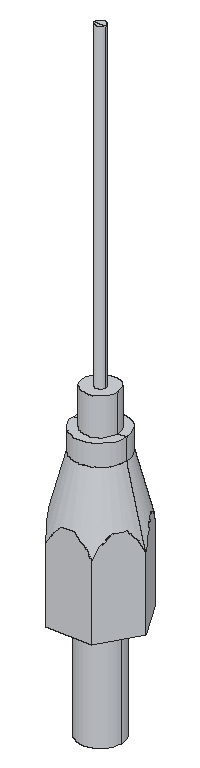
Revit family "Gripple Trapeze Plus", category Specialty Equipment, Revit 2017
Family settings
  Round Connector Dimension = Use Diameter
  Part Type = Normal
  Work Plane-Based = Yes
  Always vertical = Yes
  Cut with Voids When Loaded = No
  Shared = Yes
  Room Calculation Point = No
Parameters (values of type "MTZ2")
  WD/2 = WD / 2  # 1 mm
  WD = 2 mm
  total length [instance] = UL + Bracket Distance From Soffit  # 159 mm
  UL = 59 mm
  TTD = 6.5 mm
  Suspension End Fixing [instance] = ""
  Schedule Level [instance] = ""
  Schedule Discipline [instance] = ""
  Schedule Area [instance] = ""
  MTL = 20 mm
  MTD = 8 mm
  KNW = 4 mm
  KND = 10 mm
  Hanger SWL (kg) = "45kg"
  HH = 14 mm
  BNT = UL - MTL  # 39 mm
  BH = 28 mm
  Gripple Kit Length (m) [instance] = roundup((Bracket Distance From Soffit + (50 mm / 1)) / 1000 mm / 1) * 1 mm  # 1 mm
  Go To URL [instance] = "http://www.gripple.co.uk/gb/en/p20/a6/trapeze-plus"
  Bracket Distance From Soffit [instance] = 100 mm
  URL = "http://www.gripple.co.uk/gb/en/p20/a6/trapeze-plus"
  Model = "Trapeze Plus No2"
  Manufacturer = "Gripple Ltd"  # constant formula
  Default Elevation = 0 mm
  Assembly Code = "MTZ2"
  AF = 15 mm
  AC = ((2 / 3) * (sqrt(3)) * AF)  # 17.321 mm
Types (3, lengths in mm): name | WD/2 | WD | total length | UL | TTD | MTD | KND | Hanger SWL (kg) | HH | BNT | BH | Model | Assembly Code | AF | AC
  MTZ3 | 1.5 | 3 | 163 | 63 | 7.5 | 10 | 10 | "90kg" | 15 | 43 | 34 | "Trapeze Plus No3" | "MTZ3" | 17 | 19.63
  MTZ2 | 1 | 2 | 159 | 59 | 6.5 | 8 | 10 | "45kg" | 14 | 39 | 28 | "Trapeze Plus No2" | "MTZ2" | 15 | 17.321
  MTZ4 | 2.4 | 4.8 | 173.5 | 73.5 | 9.5 | 10 | 14 | "225kg" | 18 | 53.5 | 38 | "Trapeze Plus No4" | "MTZ4" | 22 | 25.403
Reference planes
  plane 1 "Center (Front/Back)": y = 0
  plane 2: z = 0
  plane 3 "Center (Left/Right)": x = 0
  plane 4: x = -4
  plane 5: x = 4
  plane 6 "bottom": z = -20
  plane 7: y = 7.5
  plane 8: y = -7.5
  plane 9 "top of hex": z = 14
  plane 10: z = 28
  plane 11: z = 32
  plane 12: z = 39
  plane 13: x = -5
  plane 14: x = 5
  plane 15: x = -3.25
  plane 16: x = 3.25
  plane 17: x = -8.66
  plane 18: x = 8.66
  plane 19 "Wire Top": z = 100
Forms (mm)
  Extrusion 1, solid, detail levels medium+fine
    sketch origin (0, 0, -20) x (-1, 0, 0) y (0, -1, 0)
      loop
        line (4.33, -7.5) -> (8.66, 0) -> (4.33, 7.5) -> (-4.33, 7.5) -> (-8.66, 0) -> (-4.33, -7.5) -> (4.33, -7.5)
    from 0 to 59 <- "UL"
  Revolve 2, void, detail levels medium+fine
    sketch origin (0, 0, 0) x (1, 0, 0) y (0, 0, 1)
      loop
        line (-8.66, 14) -> (-5, 28) -> (-5, 32) -> (-3.25, 32) -> (-3.25, 39) -> (-8.66, 39) -> (-8.66, 14)
      axis (0, 39) -> (0, 14)
    angle from 0 to 360
  Revolve 3, void, detail levels medium+fine
    sketch origin (0, 0, 0) x (1, 0, 0) y (0, 0, 1)
      loop
        line (-8.66, 0) -> (-8.66, -20) -> (-4, -20) -> (-4, 0) -> (-8.66, 0)
      axis (0, -20) -> (0, 0)
    angle from 0 to 360
  Revolve 4, solid, detail levels fine
    sketch origin (0, 0, 0) x (1, 0, 0) y (0, 0, 1)
      loop
        line (0, 39) -> (0, 100) -> (-1, 100) -> (-1, 39) -> (0, 39)
      axis (0, 39) -> (0, 100)
    angle from 0 to 360
Cuts and joins
  Revolve 2, Revolve 3 cuts Extrusion 1
Lines and regions (mm)
  model lines
    curve 1: line (0, 0, 100) -> (0, 0, -20)
Dimensions and locks
  equal spacing: plane 4, plane 3 "Center (Left/Right)", plane 5
  "MTD": plane 4 to plane 5
  "MTL": level to plane 6 "bottom"
  equal spacing: plane 7, plane 1 "Center (Front/Back)", plane 8
  "AF": plane 7 to plane 8
  "HH": plane 9 "top of hex" to level
  "BH": plane 10 to level
  "KNW": plane 11 to plane 10
  equal spacing: plane 14, plane 3 "Center (Left/Right)", plane 13
  equal spacing: plane 16, plane 3 "Center (Left/Right)", plane 15
  "TTD": plane 16 to plane 15
  equal spacing: plane 18, plane 3 "Center (Left/Right)", plane 17
  "AC": plane 18 to plane 17
  "UL": plane 12 to plane 6 "bottom"
  "AF": Extrusion 1 sketch curve to Extrusion 1 sketch curve  (x2)
  equal spacing: Extrusion 1 sketch curve, plane 3 "Center (Left/Right)", Extrusion 1 sketch curve
  "Bracket Distance From Soffit": plane 19 "Wire Top" to level
  "WD/2": Revolve 4 sketch curve to Revolve 4 sketch curve
  "KND": plane 14 to plane 13
  aligned and locked: level to plane 2
  aligned and locked: plane 7 to Extrusion 1 sketch curve
  aligned and locked: Extrusion 1 sketch curve to plane 8
  aligned and locked: Revolve 2 sketch curve to plane 12
  aligned and locked: Revolve 2 sketch curve to plane 13
  aligned and locked: plane 11 to Revolve 2 sketch curve
  aligned and locked: Revolve 2 sketch curve to plane 15
  aligned and locked: plane 3 "Center (Left/Right)" to Revolve 4 sketch curve  (x2)
  aligned and locked: plane 19 "Wire Top" to Revolve 4 sketch curve
  aligned and locked: Revolve 4 sketch curve to plane 12
  aligned and locked: level to Revolve 3 sketch curve
  aligned and locked: Revolve 3 sketch curve to plane 4
  aligned and locked: Revolve 3 sketch curve to plane 6 "bottom"
  aligned and locked: Revolve 3 sketch curve to plane 17
  aligned and locked: Revolve 2 sketch curve to Revolve 2 sketch curve
  aligned and locked: plane 17 to Revolve 2 sketch curve
  aligned and locked: plane 19 "Wire Top" to curve 1
  aligned and locked: curve 1 to plane 3 "Center (Left/Right)"
  aligned and locked: plane 6 "bottom" to curve 1
Automatic sketch dimensions
  plane 1 "Center (Front/Back)" to Extrusion 1 sketch curve = 0 mm  (x2)
  Extrusion 1 sketch curve to plane 18 = 0 mm
  Revolve 3 sketch curve to plane 3 "Center (Left/Right)" = 0 mm
  Revolve 3 sketch curve to plane 6 "bottom" = 0 mm
  Revolve 3 sketch curve to plane 12 = 0 mm
  Revolve 2 sketch curve to plane 3 "Center (Left/Right)" = 0 mm
  Revolve 2 sketch curve to plane 6 "bottom" = 0 mm
  Revolve 2 sketch curve to plane 9 "top of hex" = 0 mm
  Revolve 2 sketch curve to plane 10 = 0 mm
  Revolve 4 sketch curve to plane 9 "top of hex" = 1.372 mm
  Revolve 4 sketch curve to Revolve 4 sketch curve = 10.737 mm
